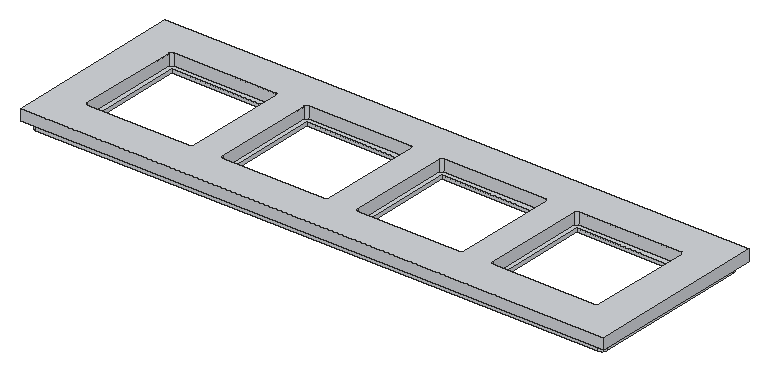
Revit family "Gira_021418", category Electrical Fixtures, host Face, Revit 2017
Family settings
  Host = Face
  Maintain Annotation Orientation = No
  Round Connector Dimension = Use Diameter
  Part Type = Normal
  Cut with Voids When Loaded = No
  Shared = No
  Room Calculation Point = No
Parameters (values of type "Abdeckrahmen 4f Gira Esprit G Mint")
  Werkstoffgüte = "Echtglas"
  Werkstoff = "Glas"
  URL = "http://katalog.gira.de/de_DE/datenblatt.html?artikelnr=021418"
  Transparent = "No"
  Textfeld/Beschriftungsfläche = "No"
  Schutzart (IP) = "IP20"
  Region = "DE"
  Oberfläche = "sonstige"
  Name = "Abdeckrahmen 4f Gira Esprit G Mint"
  Montagerichtung = "horizontal und vertikal"
  Mit Montagerahmen = "No"
  Mit Klappdeckel = "No"
  Manufacturer URL = "https://www.gira.de/"
  Keynote = "Espr._Rahmen_4fach"
  HeinzeBIM = "https://bimportal.heinze.de/bim/abdeckrahmen-4f-gira-esprit-g-mint/b3cce43ad82574f995bc9ba96989e95d4bd546a2"
  Halogenfrei = "No"
  HAN = "021418"
  Geeignet für Unterputz-Installation = "Yes"
  Geeignet für Unterflurkanaldose = "No"
  Geeignet für Geräteeinbaukanal = "No"
  Geeignet für Einbauinstallation = "No"
  GTIN = "4010337214182"
  Farbe = "grün"
  Default Elevation = 1219.2 mm
  Data sheet (1) = "https://katalog.gira.de/de_DE/download.html?artikelnr=021418"
  Category = "Abdeckrahmen"
  Befestigungsart = "Klemmbefestigung"
  Available = "Yes"
  Anzahl der Einheiten vertikal = "4 "
  Anzahl der Einheiten horizontal = "4 "
  Anzahl der Einheiten = "4 "
Reference planes
  plane 1 "Center (Front/Back)": y = 0
  plane 2: z = 0
  plane 3 "Center (Left/Right)": x = 0
Forms (mm)
  Extrusion 1, solid, detail levels fine
    sketch origin (0, 0, 0) x (1, 0, 0) y (0, 1, 0)
      loop
        line (-154, 47.5) -> (-154, -47.5) -> (154, -47.5) -> (154, 47.5) -> (-154, 47.5)
      loop
        arc (-135.25, -26.8) -> (-134.811, -27.861) -> (-133.75, -28.3) r 1.5
        line (-133.75, -28.3) -> (-80.15, -28.3)
        arc (-80.15, -28.3) -> (-79.089, -27.861) -> (-78.65, -26.8) r 1.5
        line (-78.65, -26.8) -> (-78.65, 26.8)
        arc (-78.65, 26.8) -> (-79.089, 27.861) -> (-80.15, 28.3) r 1.5
        line (-80.15, 28.3) -> (-133.75, 28.3)
        arc (-133.75, 28.3) -> (-134.811, 27.861) -> (-135.25, 26.8) r 1.5
        line (-135.25, 26.8) -> (-135.25, -26.8)
      loop
        arc (-63.95, -26.8) -> (-63.511, -27.861) -> (-62.45, -28.3) r 1.5
        line (-62.45, -28.3) -> (-8.85, -28.3)
        arc (-8.85, -28.3) -> (-7.789, -27.861) -> (-7.35, -26.8) r 1.5
        line (-7.35, -26.8) -> (-7.35, 26.8)
        arc (-7.35, 26.8) -> (-7.789, 27.861) -> (-8.85, 28.3) r 1.5
        line (-8.85, 28.3) -> (-62.45, 28.3)
        arc (-62.45, 28.3) -> (-63.511, 27.861) -> (-63.95, 26.8) r 1.5
        line (-63.95, 26.8) -> (-63.95, -26.8)
      loop
        arc (7.35, -26.8) -> (7.789, -27.861) -> (8.85, -28.3) r 1.5
        line (8.85, -28.3) -> (62.45, -28.3)
        arc (62.45, -28.3) -> (63.511, -27.861) -> (63.95, -26.8) r 1.5
        line (63.95, -26.8) -> (63.95, 26.8)
        arc (63.95, 26.8) -> (63.511, 27.861) -> (62.45, 28.3) r 1.5
        line (62.45, 28.3) -> (8.85, 28.3)
        arc (8.85, 28.3) -> (7.789, 27.861) -> (7.35, 26.8) r 1.5
        line (7.35, 26.8) -> (7.35, -26.8)
      loop
        arc (78.65, -26.8) -> (79.089, -27.861) -> (80.15, -28.3) r 1.5
        line (80.15, -28.3) -> (133.75, -28.3)
        arc (133.75, -28.3) -> (134.811, -27.861) -> (135.25, -26.8) r 1.5
        line (135.25, -26.8) -> (135.25, 26.8)
        arc (135.25, 26.8) -> (134.811, 27.861) -> (133.75, 28.3) r 1.5
        line (133.75, 28.3) -> (80.15, 28.3)
        arc (80.15, 28.3) -> (79.089, 27.861) -> (78.65, 26.8) r 1.5
        line (78.65, 26.8) -> (78.65, -26.8)
    from 0 to 6
  Extrusion 2, solid, detail levels fine
    sketch origin (0, 0, 0) x (1, 0, 0) y (0, 1, 0)
      loop
        line (-132.85, -25.7) -> (-81.05, -25.7) -> (-81.05, 25.7) -> (-132.85, 25.7) -> (-132.85, -25.7)
      loop
        line (61.55, 25.7) -> (9.75, 25.7) -> (9.75, -25.7) -> (61.55, -25.7) -> (61.55, 25.7)
      loop
        arc (-149.85, -41.4) -> (-149.323, -42.673) -> (-148.05, -43.2) r 1.8
        line (-148.05, -43.2) -> (148.05, -43.2)
        arc (148.05, -43.2) -> (149.323, -42.673) -> (149.85, -41.4) r 1.8
        line (149.85, -41.4) -> (149.85, 41.4)
        arc (149.85, 41.4) -> (149.323, 42.673) -> (148.05, 43.2) r 1.8
        line (148.05, 43.2) -> (-148.05, 43.2)
        arc (-148.05, 43.2) -> (-149.323, 42.673) -> (-149.85, 41.4) r 1.8
        line (-149.85, 41.4) -> (-149.85, -41.4)
      loop
        line (-9.75, 25.7) -> (-61.55, 25.7) -> (-61.55, -25.7) -> (-9.75, -25.7) -> (-9.75, 25.7)
      loop
        line (132.85, 25.7) -> (81.05, 25.7) -> (81.05, -25.7) -> (132.85, -25.7) -> (132.85, 25.7)
    from -1.9 to 0
  Extrusion 3, solid, detail levels fine
    sketch origin (0, 0, 0) x (1, 0, 0) y (0, 1, 0)
      loop
        arc (-148.05, 44.4) -> (-150.171, 43.521) -> (-151.05, 41.4) r 3
        line (-151.05, 41.4) -> (-151.05, -41.4)
        arc (-151.05, -41.4) -> (-150.171, -43.521) -> (-148.05, -44.4) r 3
        line (-148.05, -44.4) -> (148.05, -44.4)
        arc (148.05, -44.4) -> (150.171, -43.521) -> (151.05, -41.4) r 3
        line (151.05, -41.4) -> (151.05, 41.4)
        arc (151.05, 41.4) -> (150.171, 43.521) -> (148.05, 44.4) r 3
        line (148.05, 44.4) -> (-148.05, 44.4)
      loop
        arc (-149.85, -41.4) -> (-149.323, -42.673) -> (-148.05, -43.2) r 1.8
        line (-148.05, -43.2) -> (148.05, -43.2)
        arc (148.05, -43.2) -> (149.323, -42.673) -> (149.85, -41.4) r 1.8
        line (149.85, -41.4) -> (149.85, 41.4)
        arc (149.85, 41.4) -> (149.323, 42.673) -> (148.05, 43.2) r 1.8
        line (148.05, 43.2) -> (-148.05, 43.2)
        arc (-148.05, 43.2) -> (-149.323, 42.673) -> (-149.85, 41.4) r 1.8
        line (-149.85, 41.4) -> (-149.85, -41.4)
    from -3.7 to 0
  Extrusion 4, solid, detail levels medium
    sketch origin (0, 0, 0) x (1, 0, 0) y (0, 1, 0)
      loop
        line (-154, 47.5) -> (-154, -47.5) -> (154, -47.5) -> (154, 47.5) -> (-154, 47.5)
    from 0 to 6
  Extrusion 5, solid, detail levels medium
    sketch origin (0, 0, 0) x (1, 0, 0) y (0, 1, 0)
      loop
        line (-154, 44.4) -> (-154, -44.4) -> (154, -44.4) -> (154, 44.4) -> (-154, 44.4)
    from -3.7 to 0
  Extrusion 6, solid, detail levels coarse
    sketch origin (0, 0, 0) x (1, 0, 0) y (0, 1, 0)
      loop
        line (-154, 47.5) -> (-154, -47.5) -> (154, -47.5) -> (154, 47.5) -> (-154, 47.5)
    from -3.7 to 6
Dimensions and locks
  aligned and locked: plane 2 to host face
  aligned and locked: level to host face
